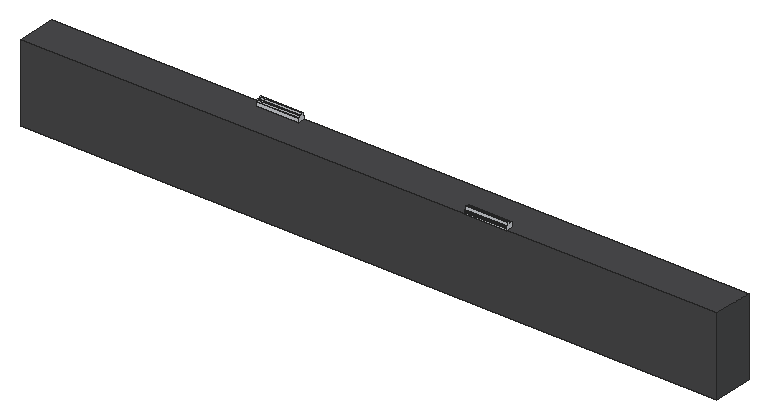
Revit family "DTM30W6.1", category Luminarias, Revit 2019
Family settings
  Cota de conector redondo = Diámetro de uso
  Tipo de pieza = Normal
  Se basa en plano de trabajo = Sí
  Siempre vertical = Sí
  Corte con vacíos al cargar = No
  Origen de luz = Sí
  Compartido = No
  Punto de cálculo de habitación = No
Parameters (values of type "RECTANGULAR DWN RIEL_DTM30W6.1.1535")
  Ángulo de inclinación = 60.00°
  Zone [instance] = ""
  Watt per fixture = 15
  Wattage = 30.4 W
  built-in parameter 1150107 = 3000 (stored number, unit not read)
  built-in parameter 1150110 = 1 (stored number, unit not read)
  built-in parameter 1150109 = 1 (stored number, unit not read)
  built-in parameter 1150112 = 1 (stored number, unit not read)
  built-in parameter 1150113 = 1 (stored number, unit not read)
  built-in parameter 1114218 = 1 (stored number, unit not read)
  Keynote = ""
  built-in parameter 1150137 = (empty or 0)
  built-in parameter 1150132 = (empty or 0)
  Modelo = "DTM30W6.1.1535"
  Lámpara = "3030SMD PHILIPS"
  built-in parameter 1150105 = 12785.8 (stored number, unit not read)
  built-in parameter 1150102 = (empty or 0)
  built-in parameter 1150106 = 127.86 (stored number, unit not read)
  Lumens = 2584 lm
  Color Filter = 16777215
  built-in parameter 1114217 = 1 (stored number, unit not read)
  built-in parameter 1150139 = (empty or 0)
  Fabricante = "BRILLANT"
  Default Elevation = 1219.2 mm
  built-in parameter 1150104 = 7.8968 (stored number, unit not read)
  Descripción = "LUMINARIA DOWNLIGHT EN FORMATO RECTANGULAR COMPATIBLE CON RIEL DE 6 ENTRADAS Y 3 CIRCUITOS, CUERPO DE ALUMINIO ACABADO EN COLOR NEGRO, IP 20, PESO 1.40Kg, TIPO DE LED 3030SMD PHILIPS CON 30.4W TOTAL, 1400 LUMENES, 85LM/W, IRC 90, TEMPERATURA EN BLANCO CALIDO 3000K, 50 MIL HORAS DE VIDA PROMEDIO, APERTURA ELIPTICA DE 15X35 GRADOS POR PROYECTO, ALIMENTADO A 90-240V"
  built-in parameter 1150115 = 1 (stored number, unit not read)
  built-in parameter 1150114 = 1 (stored number, unit not read)
  Comentarios de vataje = "90-240V"
  built-in parameter 1150138 = (empty or 0)
  built-in parameter 1150134 = (empty or 0)
  Circuit [instance] = ""
  Dimming Lamp Color Temperature Shift = (empty or 0)
  Archivo de red fotométrica = "L646A-30W-830-B-15X35_IESNA95.IES"
  built-in parameter 1150133 = 10 (stored number, unit not read)
Reference planes
  plane 1 "Centro (Frontal/Posterior)": y = 0
  plane 2: z = 0
  plane 3 "Centro (Izquierda/Derecha)": x = 0
Forms (mm)
  Extrusion 1, solid, material "Default Form"
    sketch origin (0, 0, 0) x (1, 0, 0) y (0, 0, 1)
      loop
        line (-323, 0) -> (-323, -72) -> (323, -72) -> (323, 0) -> (-323, 0)
    from -18.326 to 18.326
  Extrusion 2, solid
    sketch origin (0, 0, 3.217) x (0, 1, 0) y (0, 0, 1)
      loop
        line (-12.149, -3.217) -> (-12.149, 0) -> (-12.935, 0) -> (-12.935, 1.637) -> (-13.796, 1.637) -> (-13.796, 0) -> (-14.582, 0) -> (-14.582, 0.811) -> (-15.443, 0.811) -> (-15.443, 0) -> (-16.233, 0) -> (-16.233, 2.691) -> (-17.279, 2.691) -> (-17.279, 0) -> (-18.061, 0) -> (-18.061, -0.861) -> (-17.162, -0.861) -> (-17.162, -2.042) -> (-18.326, -2.042) -> (-18.326, -3.217) -> (-12.149, -3.217)
    from 89.098 to 128.24
  Extrusion 3, solid
    sketch origin (0, 0, 3.217) x (0, -1, 0) y (0, 0, 1)
      loop
        line (-12.149, -3.217) -> (-12.149, 0) -> (-12.935, 0) -> (-12.935, 1.637) -> (-13.796, 1.637) -> (-13.796, 0) -> (-14.582, 0) -> (-14.582, 0.811) -> (-15.443, 0.811) -> (-15.443, 0) -> (-16.233, 0) -> (-16.233, 2.691) -> (-17.279, 2.691) -> (-17.279, 0) -> (-18.061, 0) -> (-18.061, -0.861) -> (-17.162, -0.861) -> (-17.162, -2.042) -> (-18.326, -2.042) -> (-18.326, -3.217) -> (-12.149, -3.217)
    from 89.098 to 128.24
  Blend 4, void
    base sketch origin (-142.93, 0, 0) x (1, 0, 0) y (0, 1, 0)
      loop
        line (-162, 16.149) -> (-162, -16.149) -> (-144.14, -16.149) -> (-144.14, 16.149) -> (-162, 16.149)
    top sketch origin (-142.93, 0, 0) x (1, 0, 0) y (0, 1, 0)
      loop
        line (-160, 12.149) -> (-160, -12.149) -> (-146.14, -12.149) -> (-146.14, 12.149) -> (-160, 12.149)
    from -72 to -61.591
  Blend 5, void
    base sketch origin (-115.93, 0, 0) x (1, 0, 0) y (0, 1, 0)
      loop
        line (-162, 16.149) -> (-162, -16.149) -> (-144.14, -16.149) -> (-144.14, 16.149) -> (-162, 16.149)
    top sketch origin (-115.93, 0, 0) x (1, 0, 0) y (0, 1, 0)
      loop
        line (-160, 12.149) -> (-160, -12.149) -> (-146.14, -12.149) -> (-146.14, 12.149) -> (-160, 12.149)
    from -72 to -61.591
  Blend 6, void
    base sketch origin (-88.93, 0, 0) x (1, 0, 0) y (0, 1, 0)
      loop
        line (-162, 16.149) -> (-162, -16.149) -> (-144.14, -16.149) -> (-144.14, 16.149) -> (-162, 16.149)
    top sketch origin (-88.93, 0, 0) x (1, 0, 0) y (0, 1, 0)
      loop
        line (-160, 12.149) -> (-160, -12.149) -> (-146.14, -12.149) -> (-146.14, 12.149) -> (-160, 12.149)
    from -72 to -61.591
  Blend 7, void
    base sketch origin (-61.93, 0, 0) x (1, 0, 0) y (0, 1, 0)
      loop
        line (-162, 16.149) -> (-162, -16.149) -> (-144.14, -16.149) -> (-144.14, 16.149) -> (-162, 16.149)
    top sketch origin (-61.93, 0, 0) x (1, 0, 0) y (0, 1, 0)
      loop
        line (-160, 12.149) -> (-160, -12.149) -> (-146.14, -12.149) -> (-146.14, 12.149) -> (-160, 12.149)
    from -72 to -61.591
  Blend 8, void
    base sketch origin (-34.93, 0, 0) x (1, 0, 0) y (0, 1, 0)
      loop
        line (-162, 16.149) -> (-162, -16.149) -> (-144.14, -16.149) -> (-144.14, 16.149) -> (-162, 16.149)
    top sketch origin (-34.93, 0, 0) x (1, 0, 0) y (0, 1, 0)
      loop
        line (-160, 12.149) -> (-160, -12.149) -> (-146.14, -12.149) -> (-146.14, 12.149) -> (-160, 12.149)
    from -72 to -61.591
  Blend 9, void
    base sketch origin (-7.93, 0, 0) x (1, 0, 0) y (0, 1, 0)
      loop
        line (-162, 16.149) -> (-162, -16.149) -> (-144.14, -16.149) -> (-144.14, 16.149) -> (-162, 16.149)
    top sketch origin (-7.93, 0, 0) x (1, 0, 0) y (0, 1, 0)
      loop
        line (-160, 12.149) -> (-160, -12.149) -> (-146.14, -12.149) -> (-146.14, 12.149) -> (-160, 12.149)
    from -72 to -61.591
  Blend 10, void
    base sketch origin (19.07, 0, 0) x (1, 0, 0) y (0, 1, 0)
      loop
        line (-162, 16.149) -> (-162, -16.149) -> (-144.14, -16.149) -> (-144.14, 16.149) -> (-162, 16.149)
    top sketch origin (19.07, 0, 0) x (1, 0, 0) y (0, 1, 0)
      loop
        line (-160, 12.149) -> (-160, -12.149) -> (-146.14, -12.149) -> (-146.14, 12.149) -> (-160, 12.149)
    from -72 to -61.591
  Blend 11, void
    base sketch origin (46.07, 0, 0) x (1, 0, 0) y (0, 1, 0)
      loop
        line (-162, 16.149) -> (-162, -16.149) -> (-144.14, -16.149) -> (-144.14, 16.149) -> (-162, 16.149)
    top sketch origin (46.07, 0, 0) x (1, 0, 0) y (0, 1, 0)
      loop
        line (-160, 12.149) -> (-160, -12.149) -> (-146.14, -12.149) -> (-146.14, 12.149) -> (-160, 12.149)
    from -72 to -61.591
  Blend 12, void
    base sketch origin (73.07, 0, 0) x (1, 0, 0) y (0, 1, 0)
      loop
        line (-162, 16.149) -> (-162, -16.149) -> (-144.14, -16.149) -> (-144.14, 16.149) -> (-162, 16.149)
    top sketch origin (73.07, 0, 0) x (1, 0, 0) y (0, 1, 0)
      loop
        line (-160, 12.149) -> (-160, -12.149) -> (-146.14, -12.149) -> (-146.14, 12.149) -> (-160, 12.149)
    from -72 to -61.591
  Blend 13, void
    base sketch origin (100.07, 0, 0) x (1, 0, 0) y (0, 1, 0)
      loop
        line (-162, 16.149) -> (-162, -16.149) -> (-144.14, -16.149) -> (-144.14, 16.149) -> (-162, 16.149)
    top sketch origin (100.07, 0, 0) x (1, 0, 0) y (0, 1, 0)
      loop
        line (-160, 12.149) -> (-160, -12.149) -> (-146.14, -12.149) -> (-146.14, 12.149) -> (-160, 12.149)
    from -72 to -61.591
  Blend 14, void
    base sketch origin (127.07, 0, 0) x (1, 0, 0) y (0, 1, 0)
      loop
        line (-162, 16.149) -> (-162, -16.149) -> (-144.14, -16.149) -> (-144.14, 16.149) -> (-162, 16.149)
    top sketch origin (127.07, 0, 0) x (1, 0, 0) y (0, 1, 0)
      loop
        line (-160, 12.149) -> (-160, -12.149) -> (-146.14, -12.149) -> (-146.14, 12.149) -> (-160, 12.149)
    from -72 to -61.591
  Blend 15, void
    base sketch origin (154.07, 0, 0) x (1, 0, 0) y (0, 1, 0)
      loop
        line (-162, 16.149) -> (-162, -16.149) -> (-144.14, -16.149) -> (-144.14, 16.149) -> (-162, 16.149)
    top sketch origin (154.07, 0, 0) x (1, 0, 0) y (0, 1, 0)
      loop
        line (-160, 12.149) -> (-160, -12.149) -> (-146.14, -12.149) -> (-146.14, 12.149) -> (-160, 12.149)
    from -72 to -61.591
  Blend 16, void
    base sketch origin (181.07, 0, 0) x (1, 0, 0) y (0, 1, 0)
      loop
        line (-162, 16.149) -> (-162, -16.149) -> (-144.14, -16.149) -> (-144.14, 16.149) -> (-162, 16.149)
    top sketch origin (181.07, 0, 0) x (1, 0, 0) y (0, 1, 0)
      loop
        line (-160, 12.149) -> (-160, -12.149) -> (-146.14, -12.149) -> (-146.14, 12.149) -> (-160, 12.149)
    from -72 to -61.591
  Blend 17, void
    base sketch origin (208.07, 0, 0) x (1, 0, 0) y (0, 1, 0)
      loop
        line (-162, 16.149) -> (-162, -16.149) -> (-144.14, -16.149) -> (-144.14, 16.149) -> (-162, 16.149)
    top sketch origin (208.07, 0, 0) x (1, 0, 0) y (0, 1, 0)
      loop
        line (-160, 12.149) -> (-160, -12.149) -> (-146.14, -12.149) -> (-146.14, 12.149) -> (-160, 12.149)
    from -72 to -61.591
  Blend 18, void
    base sketch origin (235.07, 0, 0) x (1, 0, 0) y (0, 1, 0)
      loop
        line (-162, 16.149) -> (-162, -16.149) -> (-144.14, -16.149) -> (-144.14, 16.149) -> (-162, 16.149)
    top sketch origin (235.07, 0, 0) x (1, 0, 0) y (0, 1, 0)
      loop
        line (-160, 12.149) -> (-160, -12.149) -> (-146.14, -12.149) -> (-146.14, 12.149) -> (-160, 12.149)
    from -72 to -61.591
  Blend 19, void
    base sketch origin (262.07, 0, 0) x (1, 0, 0) y (0, 1, 0)
      loop
        line (-162, 16.149) -> (-162, -16.149) -> (-144.14, -16.149) -> (-144.14, 16.149) -> (-162, 16.149)
    top sketch origin (262.07, 0, 0) x (1, 0, 0) y (0, 1, 0)
      loop
        line (-160, 12.149) -> (-160, -12.149) -> (-146.14, -12.149) -> (-146.14, 12.149) -> (-160, 12.149)
    from -72 to -61.591
  Blend 20, void
    base sketch origin (289.07, 0, 0) x (1, 0, 0) y (0, 1, 0)
      loop
        line (-162, 16.149) -> (-162, -16.149) -> (-144.14, -16.149) -> (-144.14, 16.149) -> (-162, 16.149)
    top sketch origin (289.07, 0, 0) x (1, 0, 0) y (0, 1, 0)
      loop
        line (-160, 12.149) -> (-160, -12.149) -> (-146.14, -12.149) -> (-146.14, 12.149) -> (-160, 12.149)
    from -72 to -61.591
  Blend 21, void
    base sketch origin (316.07, 0, 0) x (1, 0, 0) y (0, 1, 0)
      loop
        line (-162, 16.149) -> (-162, -16.149) -> (-144.14, -16.149) -> (-144.14, 16.149) -> (-162, 16.149)
    top sketch origin (316.07, 0, 0) x (1, 0, 0) y (0, 1, 0)
      loop
        line (-160, 12.149) -> (-160, -12.149) -> (-146.14, -12.149) -> (-146.14, 12.149) -> (-160, 12.149)
    from -72 to -61.591
  Blend 22, void
    base sketch origin (343.07, 0, 0) x (1, 0, 0) y (0, 1, 0)
      loop
        line (-162, 16.149) -> (-162, -16.149) -> (-144.14, -16.149) -> (-144.14, 16.149) -> (-162, 16.149)
    top sketch origin (343.07, 0, 0) x (1, 0, 0) y (0, 1, 0)
      loop
        line (-160, 12.149) -> (-160, -12.149) -> (-146.14, -12.149) -> (-146.14, 12.149) -> (-160, 12.149)
    from -72 to -61.591
  Blend 23, void
    base sketch origin (370.07, 0, 0) x (1, 0, 0) y (0, 1, 0)
      loop
        line (-162, 16.149) -> (-162, -16.149) -> (-144.14, -16.149) -> (-144.14, 16.149) -> (-162, 16.149)
    top sketch origin (370.07, 0, 0) x (1, 0, 0) y (0, 1, 0)
      loop
        line (-160, 12.149) -> (-160, -12.149) -> (-146.14, -12.149) -> (-146.14, 12.149) -> (-160, 12.149)
    from -72 to -61.591
  Blend 24, void
    base sketch origin (397.07, 0, 0) x (1, 0, 0) y (0, 1, 0)
      loop
        line (-162, 16.149) -> (-162, -16.149) -> (-144.14, -16.149) -> (-144.14, 16.149) -> (-162, 16.149)
    top sketch origin (397.07, 0, 0) x (1, 0, 0) y (0, 1, 0)
      loop
        line (-160, 12.149) -> (-160, -12.149) -> (-146.14, -12.149) -> (-146.14, 12.149) -> (-160, 12.149)
    from -72 to -61.591
  Blend 25, void
    base sketch origin (424.07, 0, 0) x (1, 0, 0) y (0, 1, 0)
      loop
        line (-162, 16.149) -> (-162, -16.149) -> (-144.14, -16.149) -> (-144.14, 16.149) -> (-162, 16.149)
    top sketch origin (424.07, 0, 0) x (1, 0, 0) y (0, 1, 0)
      loop
        line (-160, 12.149) -> (-160, -12.149) -> (-146.14, -12.149) -> (-146.14, 12.149) -> (-160, 12.149)
    from -72 to -61.591
  Blend 26, void
    base sketch origin (451.07, 0, 0) x (1, 0, 0) y (0, 1, 0)
      loop
        line (-162, 16.149) -> (-162, -16.149) -> (-144.14, -16.149) -> (-144.14, 16.149) -> (-162, 16.149)
    top sketch origin (451.07, 0, 0) x (1, 0, 0) y (0, 1, 0)
      loop
        line (-160, 12.149) -> (-160, -12.149) -> (-146.14, -12.149) -> (-146.14, 12.149) -> (-160, 12.149)
    from -72 to -61.591
Cuts and joins
  Blend 4, Blend 5, Blend 6, Blend 7, Blend 8, Blend 9, Blend 10, Blend 11, Blend 12, Blend 13, Blend 14, Blend 15, Blend 16, Blend 17, Blend 18, Blend 19, Blend 20, Blend 21, Blend 22, Blend 23, Blend 24, Blend 25, Blend 26 cuts Extrusion 1
Dimensions and locks
  equal spacing: Extrusion 1, plane 1 "Centro (Frontal/Posterior)", Extrusion 1
  Extrusion 1 to plane 1 "Centro (Frontal/Posterior)" = 18.326 mm
  Extrusion 1 to Extrusion 1 = 36.651 mm
  Extrusion 1 to Extrusion 1 = 72 mm
  Extrusion 1 to Extrusion 1 = 646 mm
  cut or joined group 1 (Extrusion 1, Blend 4, Blend 5, Blend 6, Blend 7, Blend 8, Blend 9, Blend 10, Blend 11, Blend 12, Blend 13, Blend 14, Blend 15, Blend 16, Blend 17, Blend 18, Blend 19, Blend 20, Blend 21, Blend 22, Blend 23, Blend 24, Blend 25, Blend 26) to cut or joined group 1 = 72 mm
  cut or joined group 1 to cut or joined group 1 = 36.651 mm
  cut or joined group 1 to cut or joined group 1 = 646 mm
  equal spacing: cut or joined group 1, plane 1 "Centro (Frontal/Posterior)", cut or joined group 1
  aligned and locked: level to plane 2
Automatic sketch dimensions
  Extrusion 1 sketch curve to level = 0 mm
  Extrusion 1 sketch curve to level = 72 mm
  Extrusion 1 sketch curve to plane 3 "Centro (Izquierda/Derecha)" = 323 mm
  plane 3 "Centro (Izquierda/Derecha)" to Extrusion 1 sketch curve = 323 mm
  Extrusion 2 sketch curve to level = 0 mm
  level to Extrusion 2 sketch curve = 1.175 mm
  plane 1 "Centro (Frontal/Posterior)" to Extrusion 2 sketch curve = 18.326 mm
  Extrusion 2 sketch curve to Extrusion 2 sketch curve = 0.265 mm
  Extrusion 2 sketch curve to Extrusion 2 sketch curve = 0.782 mm
  Extrusion 2 sketch curve to Extrusion 2 sketch curve = 1.164 mm
  Extrusion 2 sketch curve to Extrusion 2 sketch curve = 1.046 mm
  Extrusion 2 sketch curve to Extrusion 2 sketch curve = 0.789 mm
  Extrusion 2 sketch curve to Extrusion 2 sketch curve = 0.861 mm  (x3)
  Extrusion 2 sketch curve to Extrusion 2 sketch curve = 0.786 mm
  Extrusion 2 sketch curve to Extrusion 2 sketch curve = 0.785 mm
  Extrusion 2 sketch curve to Extrusion 2 sketch curve = 1.181 mm
  level to Extrusion 2 sketch curve = 3.217 mm
  Extrusion 2 sketch curve to Extrusion 2 sketch curve = 0 mm  (x2)
  Extrusion 2 sketch curve to Extrusion 2 sketch curve = 0.811 mm
  Extrusion 2 sketch curve to Extrusion 2 sketch curve = 0.826 mm
  Extrusion 2 sketch curve to Extrusion 2 sketch curve = 1.88 mm
  Extrusion 3 sketch curve to level = 0 mm
  level to Extrusion 3 sketch curve = 1.175 mm
  Extrusion 3 sketch curve to plane 1 "Centro (Frontal/Posterior)" = 18.326 mm
  Extrusion 3 sketch curve to Extrusion 3 sketch curve = 0.265 mm
  Extrusion 3 sketch curve to Extrusion 3 sketch curve = 0.782 mm
  Extrusion 3 sketch curve to Extrusion 3 sketch curve = 1.164 mm
  Extrusion 3 sketch curve to Extrusion 3 sketch curve = 1.046 mm
  Extrusion 3 sketch curve to Extrusion 3 sketch curve = 0.789 mm
  Extrusion 3 sketch curve to Extrusion 3 sketch curve = 0.861 mm  (x3)
  Extrusion 3 sketch curve to Extrusion 3 sketch curve = 0.786 mm
  Extrusion 3 sketch curve to Extrusion 3 sketch curve = 0.785 mm
  Extrusion 3 sketch curve to Extrusion 3 sketch curve = 1.181 mm
  level to Extrusion 3 sketch curve = 3.217 mm
  Extrusion 3 sketch curve to Extrusion 3 sketch curve = 0 mm  (x2)
  Extrusion 3 sketch curve to Extrusion 3 sketch curve = 0.811 mm
  Extrusion 3 sketch curve to Extrusion 3 sketch curve = 0.826 mm
  Extrusion 3 sketch curve to Extrusion 3 sketch curve = 1.88 mm
  Blend 4 sketch curve to plane 1 "Centro (Frontal/Posterior)" = 16.149 mm
  Blend 4 sketch curve to plane 3 "Centro (Izquierda/Derecha)" = 304.93 mm
  Blend 4 sketch curve to Blend 4 sketch curve = 17.86 mm
  plane 1 "Centro (Frontal/Posterior)" to Blend 4 sketch curve = 16.149 mm
  Blend 4 sketch curve to plane 1 "Centro (Frontal/Posterior)" = 12.149 mm
  Blend 4 sketch curve to plane 3 "Centro (Izquierda/Derecha)" = 302.93 mm
  Blend 4 sketch curve to Blend 4 sketch curve = 13.86 mm
  plane 1 "Centro (Frontal/Posterior)" to Blend 4 sketch curve = 12.149 mm
  Blend 5 sketch curve to Blend 5 sketch curve = 17.86 mm
  Blend 5 sketch curve to Blend 5 sketch curve = 13.86 mm
  Blend 5 sketch curve to Blend 5 sketch curve = 32.298 mm
  Blend 5 sketch curve to Blend 5 sketch curve = 24.298 mm
  Blend 6 sketch curve to Blend 6 sketch curve = 17.86 mm
  Blend 6 sketch curve to Blend 6 sketch curve = 13.86 mm
  Blend 6 sketch curve to Blend 6 sketch curve = 32.298 mm
  Blend 6 sketch curve to Blend 6 sketch curve = 24.298 mm
  Blend 7 sketch curve to Blend 7 sketch curve = 17.86 mm
  Blend 7 sketch curve to Blend 7 sketch curve = 13.86 mm
  Blend 7 sketch curve to Blend 7 sketch curve = 32.298 mm
  Blend 7 sketch curve to Blend 7 sketch curve = 24.298 mm
  Blend 8 sketch curve to Blend 8 sketch curve = 17.86 mm
  Blend 8 sketch curve to Blend 8 sketch curve = 13.86 mm
  Blend 8 sketch curve to Blend 8 sketch curve = 32.298 mm
  Blend 8 sketch curve to Blend 8 sketch curve = 24.298 mm
  Blend 9 sketch curve to Blend 9 sketch curve = 17.86 mm
  Blend 9 sketch curve to Blend 9 sketch curve = 13.86 mm
  Blend 9 sketch curve to Blend 9 sketch curve = 32.298 mm
  Blend 9 sketch curve to Blend 9 sketch curve = 24.298 mm
  Blend 10 sketch curve to Blend 10 sketch curve = 17.86 mm
  Blend 10 sketch curve to Blend 10 sketch curve = 13.86 mm
  Blend 10 sketch curve to Blend 10 sketch curve = 32.298 mm
  Blend 10 sketch curve to Blend 10 sketch curve = 24.298 mm
  Blend 11 sketch curve to Blend 11 sketch curve = 17.86 mm
  Blend 11 sketch curve to Blend 11 sketch curve = 13.86 mm
  Blend 11 sketch curve to Blend 11 sketch curve = 32.298 mm
  Blend 11 sketch curve to Blend 11 sketch curve = 24.298 mm
  Blend 12 sketch curve to Blend 12 sketch curve = 17.86 mm
  Blend 12 sketch curve to Blend 12 sketch curve = 13.86 mm
  Blend 12 sketch curve to Blend 12 sketch curve = 32.298 mm
  Blend 12 sketch curve to Blend 12 sketch curve = 24.298 mm
  Blend 13 sketch curve to Blend 13 sketch curve = 17.86 mm
  Blend 13 sketch curve to Blend 13 sketch curve = 13.86 mm
  Blend 13 sketch curve to Blend 13 sketch curve = 32.298 mm
  Blend 13 sketch curve to Blend 13 sketch curve = 24.298 mm
  Blend 14 sketch curve to Blend 14 sketch curve = 17.86 mm
  Blend 14 sketch curve to Blend 14 sketch curve = 13.86 mm
  Blend 14 sketch curve to Blend 14 sketch curve = 32.298 mm
  Blend 14 sketch curve to Blend 14 sketch curve = 24.298 mm
  Blend 15 sketch curve to Blend 15 sketch curve = 17.86 mm
  Blend 15 sketch curve to Blend 15 sketch curve = 13.86 mm
  Blend 15 sketch curve to Blend 15 sketch curve = 32.298 mm
  Blend 15 sketch curve to Blend 15 sketch curve = 24.298 mm
  Blend 16 sketch curve to Blend 16 sketch curve = 17.86 mm
  Blend 16 sketch curve to Blend 16 sketch curve = 13.86 mm
  Blend 16 sketch curve to Blend 16 sketch curve = 32.298 mm
  Blend 16 sketch curve to Blend 16 sketch curve = 24.298 mm
  Blend 17 sketch curve to Blend 17 sketch curve = 17.86 mm
  Blend 17 sketch curve to Blend 17 sketch curve = 13.86 mm
  Blend 17 sketch curve to Blend 17 sketch curve = 32.298 mm
  Blend 17 sketch curve to Blend 17 sketch curve = 24.298 mm
  Blend 18 sketch curve to Blend 18 sketch curve = 17.86 mm
  Blend 18 sketch curve to Blend 18 sketch curve = 13.86 mm
  Blend 18 sketch curve to Blend 18 sketch curve = 32.298 mm
  Blend 18 sketch curve to Blend 18 sketch curve = 24.298 mm
  Blend 19 sketch curve to Blend 19 sketch curve = 17.86 mm
  Blend 19 sketch curve to Blend 19 sketch curve = 13.86 mm
  Blend 19 sketch curve to Blend 19 sketch curve = 32.298 mm
  Blend 19 sketch curve to Blend 19 sketch curve = 24.298 mm
  Blend 20 sketch curve to Blend 20 sketch curve = 17.86 mm
  Blend 20 sketch curve to Blend 20 sketch curve = 13.86 mm
  Blend 20 sketch curve to Blend 20 sketch curve = 32.298 mm
  Blend 20 sketch curve to Blend 20 sketch curve = 24.298 mm
  Blend 21 sketch curve to Blend 21 sketch curve = 17.86 mm
  Blend 21 sketch curve to Blend 21 sketch curve = 13.86 mm
  Blend 21 sketch curve to Blend 21 sketch curve = 32.298 mm
  Blend 21 sketch curve to Blend 21 sketch curve = 24.298 mm
  Blend 22 sketch curve to Blend 22 sketch curve = 17.86 mm
  Blend 22 sketch curve to Blend 22 sketch curve = 13.86 mm
  Blend 22 sketch curve to Blend 22 sketch curve = 32.298 mm
  Blend 22 sketch curve to Blend 22 sketch curve = 24.298 mm
  Blend 23 sketch curve to Blend 23 sketch curve = 17.86 mm
  Blend 23 sketch curve to Blend 23 sketch curve = 13.86 mm
  Blend 23 sketch curve to Blend 23 sketch curve = 32.298 mm
  Blend 23 sketch curve to Blend 23 sketch curve = 24.298 mm
  Blend 24 sketch curve to Blend 24 sketch curve = 17.86 mm
  Blend 24 sketch curve to Blend 24 sketch curve = 13.86 mm
  Blend 24 sketch curve to Blend 24 sketch curve = 32.298 mm
  Blend 24 sketch curve to Blend 24 sketch curve = 24.298 mm
  Blend 25 sketch curve to Blend 25 sketch curve = 17.86 mm
  Blend 25 sketch curve to Blend 25 sketch curve = 13.86 mm
  Blend 25 sketch curve to Blend 25 sketch curve = 32.298 mm
  Blend 25 sketch curve to Blend 25 sketch curve = 24.298 mm
  Blend 26 sketch curve to Blend 26 sketch curve = 17.86 mm
  Blend 26 sketch curve to Blend 26 sketch curve = 13.86 mm
  Blend 26 sketch curve to Blend 26 sketch curve = 32.298 mm
  Blend 26 sketch curve to Blend 26 sketch curve = 24.298 mm
  Blend 5 sketch curve to plane 1 "Centro (Frontal/Posterior)" = 16.149 mm
  Blend 5 sketch curve to plane 3 "Centro (Izquierda/Derecha)" = 277.93 mm
  Blend 5 sketch curve to plane 1 "Centro (Frontal/Posterior)" = 12.149 mm
  Blend 5 sketch curve to plane 3 "Centro (Izquierda/Derecha)" = 275.93 mm
  Blend 6 sketch curve to plane 1 "Centro (Frontal/Posterior)" = 16.149 mm
  Blend 6 sketch curve to plane 3 "Centro (Izquierda/Derecha)" = 250.93 mm
  Blend 6 sketch curve to plane 1 "Centro (Frontal/Posterior)" = 12.149 mm
  Blend 6 sketch curve to plane 3 "Centro (Izquierda/Derecha)" = 248.93 mm
  Blend 7 sketch curve to plane 1 "Centro (Frontal/Posterior)" = 16.149 mm
  Blend 7 sketch curve to plane 3 "Centro (Izquierda/Derecha)" = 223.93 mm
  Blend 7 sketch curve to plane 1 "Centro (Frontal/Posterior)" = 12.149 mm
  Blend 7 sketch curve to plane 3 "Centro (Izquierda/Derecha)" = 221.93 mm
  Blend 8 sketch curve to plane 1 "Centro (Frontal/Posterior)" = 16.149 mm
  Blend 8 sketch curve to plane 3 "Centro (Izquierda/Derecha)" = 196.93 mm
  Blend 8 sketch curve to plane 1 "Centro (Frontal/Posterior)" = 12.149 mm
  Blend 8 sketch curve to plane 3 "Centro (Izquierda/Derecha)" = 194.93 mm
  Blend 9 sketch curve to plane 1 "Centro (Frontal/Posterior)" = 16.149 mm
  Blend 9 sketch curve to plane 3 "Centro (Izquierda/Derecha)" = 169.93 mm
  Blend 9 sketch curve to plane 1 "Centro (Frontal/Posterior)" = 12.149 mm
  Blend 9 sketch curve to plane 3 "Centro (Izquierda/Derecha)" = 167.93 mm
  Blend 10 sketch curve to plane 1 "Centro (Frontal/Posterior)" = 16.149 mm
  Blend 10 sketch curve to plane 3 "Centro (Izquierda/Derecha)" = 142.93 mm
  Blend 10 sketch curve to plane 1 "Centro (Frontal/Posterior)" = 12.149 mm
  Blend 10 sketch curve to plane 3 "Centro (Izquierda/Derecha)" = 140.93 mm
  Blend 11 sketch curve to plane 1 "Centro (Frontal/Posterior)" = 16.149 mm
  Blend 11 sketch curve to plane 3 "Centro (Izquierda/Derecha)" = 115.93 mm
  Blend 11 sketch curve to plane 1 "Centro (Frontal/Posterior)" = 12.149 mm
  Blend 11 sketch curve to plane 3 "Centro (Izquierda/Derecha)" = 113.93 mm
  Blend 12 sketch curve to plane 1 "Centro (Frontal/Posterior)" = 16.149 mm
  Blend 12 sketch curve to plane 3 "Centro (Izquierda/Derecha)" = 88.93 mm
  Blend 12 sketch curve to plane 1 "Centro (Frontal/Posterior)" = 12.149 mm
  Blend 12 sketch curve to plane 3 "Centro (Izquierda/Derecha)" = 86.93 mm
  Blend 13 sketch curve to plane 1 "Centro (Frontal/Posterior)" = 16.149 mm
  Blend 13 sketch curve to plane 3 "Centro (Izquierda/Derecha)" = 61.93 mm
  Blend 13 sketch curve to plane 1 "Centro (Frontal/Posterior)" = 12.149 mm
  Blend 13 sketch curve to plane 3 "Centro (Izquierda/Derecha)" = 59.93 mm
  Blend 14 sketch curve to plane 1 "Centro (Frontal/Posterior)" = 16.149 mm
  Blend 14 sketch curve to plane 3 "Centro (Izquierda/Derecha)" = 34.93 mm
  Blend 14 sketch curve to plane 1 "Centro (Frontal/Posterior)" = 12.149 mm
  Blend 14 sketch curve to plane 3 "Centro (Izquierda/Derecha)" = 32.93 mm
  Blend 15 sketch curve to plane 3 "Centro (Izquierda/Derecha)" = 7.93 mm
  plane 1 "Centro (Frontal/Posterior)" to Blend 15 sketch curve = 16.149 mm
  Blend 15 sketch curve to plane 3 "Centro (Izquierda/Derecha)" = 5.93 mm
  plane 1 "Centro (Frontal/Posterior)" to Blend 15 sketch curve = 12.149 mm
  plane 3 "Centro (Izquierda/Derecha)" to Blend 16 sketch curve = 19.07 mm
  plane 1 "Centro (Frontal/Posterior)" to Blend 16 sketch curve = 16.149 mm
  plane 3 "Centro (Izquierda/Derecha)" to Blend 16 sketch curve = 21.07 mm
  plane 1 "Centro (Frontal/Posterior)" to Blend 16 sketch curve = 12.149 mm
  Blend 17 sketch curve to plane 1 "Centro (Frontal/Posterior)" = 16.149 mm
  plane 3 "Centro (Izquierda/Derecha)" to Blend 17 sketch curve = 46.07 mm
  Blend 17 sketch curve to plane 1 "Centro (Frontal/Posterior)" = 12.149 mm
  plane 3 "Centro (Izquierda/Derecha)" to Blend 17 sketch curve = 48.07 mm
  Blend 18 sketch curve to plane 1 "Centro (Frontal/Posterior)" = 16.149 mm
  plane 3 "Centro (Izquierda/Derecha)" to Blend 18 sketch curve = 73.07 mm
  Blend 18 sketch curve to plane 1 "Centro (Frontal/Posterior)" = 12.149 mm
  plane 3 "Centro (Izquierda/Derecha)" to Blend 18 sketch curve = 75.07 mm
  Blend 19 sketch curve to plane 1 "Centro (Frontal/Posterior)" = 16.149 mm
  plane 3 "Centro (Izquierda/Derecha)" to Blend 19 sketch curve = 100.07 mm
  Blend 19 sketch curve to plane 1 "Centro (Frontal/Posterior)" = 12.149 mm
  plane 3 "Centro (Izquierda/Derecha)" to Blend 19 sketch curve = 102.07 mm
  Blend 20 sketch curve to plane 1 "Centro (Frontal/Posterior)" = 16.149 mm
  plane 3 "Centro (Izquierda/Derecha)" to Blend 20 sketch curve = 127.07 mm
  Blend 20 sketch curve to plane 1 "Centro (Frontal/Posterior)" = 12.149 mm
  plane 3 "Centro (Izquierda/Derecha)" to Blend 20 sketch curve = 129.07 mm
  Blend 21 sketch curve to plane 1 "Centro (Frontal/Posterior)" = 16.149 mm
  plane 3 "Centro (Izquierda/Derecha)" to Blend 21 sketch curve = 154.07 mm
  Blend 21 sketch curve to plane 1 "Centro (Frontal/Posterior)" = 12.149 mm
  plane 3 "Centro (Izquierda/Derecha)" to Blend 21 sketch curve = 156.07 mm
  Blend 22 sketch curve to plane 1 "Centro (Frontal/Posterior)" = 16.149 mm
  plane 3 "Centro (Izquierda/Derecha)" to Blend 22 sketch curve = 181.07 mm
  Blend 22 sketch curve to plane 1 "Centro (Frontal/Posterior)" = 12.149 mm
  plane 3 "Centro (Izquierda/Derecha)" to Blend 22 sketch curve = 183.07 mm
  Blend 23 sketch curve to plane 1 "Centro (Frontal/Posterior)" = 16.149 mm
  plane 3 "Centro (Izquierda/Derecha)" to Blend 23 sketch curve = 208.07 mm
  Blend 23 sketch curve to plane 1 "Centro (Frontal/Posterior)" = 12.149 mm
  plane 3 "Centro (Izquierda/Derecha)" to Blend 23 sketch curve = 210.07 mm
  Blend 24 sketch curve to plane 1 "Centro (Frontal/Posterior)" = 16.149 mm
  plane 3 "Centro (Izquierda/Derecha)" to Blend 24 sketch curve = 235.07 mm
  Blend 24 sketch curve to plane 1 "Centro (Frontal/Posterior)" = 12.149 mm
  plane 3 "Centro (Izquierda/Derecha)" to Blend 24 sketch curve = 237.07 mm
  Blend 25 sketch curve to plane 1 "Centro (Frontal/Posterior)" = 16.149 mm
  plane 3 "Centro (Izquierda/Derecha)" to Blend 25 sketch curve = 262.07 mm
  Blend 25 sketch curve to plane 1 "Centro (Frontal/Posterior)" = 12.149 mm
  plane 3 "Centro (Izquierda/Derecha)" to Blend 25 sketch curve = 264.07 mm
  Blend 26 sketch curve to plane 1 "Centro (Frontal/Posterior)" = 16.149 mm
  plane 3 "Centro (Izquierda/Derecha)" to Blend 26 sketch curve = 289.07 mm
  Blend 26 sketch curve to plane 1 "Centro (Frontal/Posterior)" = 12.149 mm
  plane 3 "Centro (Izquierda/Derecha)" to Blend 26 sketch curve = 291.07 mm
Connectors
  electrical at (0, 0, 0)
    settings: on cut or joined group 1, index 1, voltage 240 V, apparent load 0 VA, apparent load phase1 0 VA, apparent load phase2 0 VA, apparent load phase3 0 VA, power factor 1, load classification "Otro", number of poles 1, system type 31, power factor state 1, is connector primary yes, connector utility no, sub classification motor no, connector description ""
